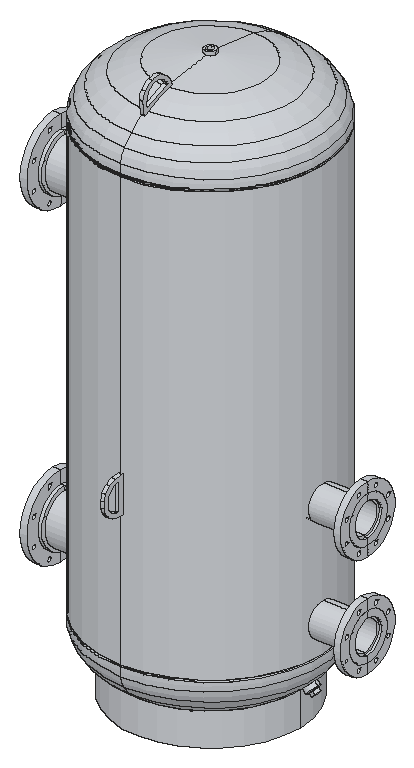
Revit family "HBT-210-46", category Generic Models, Revit 2014
Parameters (values of type "HBT-210-46")
  URL = "http://westank.com/"
  Tank Volume = 210 gal
  Part Number = 55642146
  Model = "HBT-210-46"
  Maximum Shipping Weight = 583 lbf
  G = 14"
  F = 28"
  E = 58"
  Description = "Wessels ASME 4 Port Hot Water Buffer Tanks (HBT) are designed for use with today’s high efficiency systems that incorporate small modular low-mass boiler."
  D = 76 1/2"
  C = 30"
  B = 6"
  A = 4"
Reference planes (in)
  plane 1 "Center (Front/Back)": y = 0
  plane 2: z = 0
  plane 3 "Center (Left/Right)": x = 0
  plane 4: through (12.55282, -180, 5.24135) normal (0.8192, 0, -0.5736)
  plane 5: x = -15
  plane 6: x = 15
  plane 7: z = 0
  plane 8: y = 15
  plane 9: y = -15
  plane 10: x = -12
  plane 11: x = 12
  plane 12: z = 76.5
  plane 13: z = 58
  plane 14: z = 28
  plane 15: z = 14
Forms (in)
  Revolve 1, solid
    sketch origin (0, -0.02461, 0) x (0, 1, 0) y (0, 0, 1)
      loop
        line (-14.97539, 9.87397) -> (-14.812, 9.87397)
        arc (-14.812, 9.87397) -> (-14.83596, 9.78454) -> (-14.90143, 9.71907) r 0.17887
        arc (-14.90143, 9.71907) -> (-14.94991, 9.64836) -> (-14.97579, 9.56662) r 0.29232
        arc (-14.97579, 9.56662) -> (-14.96586, 8.98455) -> (-14.89468, 8.40676) r 5.51955
        arc (-14.89468, 8.40676) -> (-14.65184, 7.56116) -> (-14.23912, 6.78419) r 4.22443
        arc (-14.23912, 6.78419) -> (-13.71208, 6.0842) -> (-13.11424, 5.44361) r 8.30764
        arc (-13.11424, 5.44361) -> (-11.99363, 4.5369) -> (-10.73315, 3.83755) r 8.30764
        arc (-10.73315, 3.83755) -> (-9.02248, 3.06195) -> (-7.23223, 2.49367) r 15.88746
        arc (-7.23223, 2.49367) -> (-3.63165, 1.79117) -> (0.02461, 1.49214) r 33.04234
        line (0.02461, 1.49214) -> (0.02461, 1.66407)
        arc (0.02461, 1.66407) -> (-3.61037, 1.96174) -> (-7.19, 2.66027) r 32.87047
        arc (-7.19, 2.66027) -> (-8.96351, 3.22342) -> (-10.65802, 3.99223) r 15.71558
        arc (-10.65802, 3.99223) -> (-11.8952, 4.67783) -> (-12.99495, 5.56734) r 8.13577
        arc (-12.99495, 5.56734) -> (-13.58042, 6.19468) -> (-14.09655, 6.88019) r 8.13577
        arc (-14.09655, 6.88019) -> (-14.49248, 7.62554) -> (-14.72544, 8.43674) r 4.05256
        arc (-14.72544, 8.43674) -> (-14.79395, 8.9901) -> (-14.80447, 9.54759) r 5.34767
        arc (-14.80447, 9.54759) -> (-14.7971, 9.56945) -> (-14.78569, 9.5895) r 0.12044
        arc (-14.78569, 9.5895) -> (-14.67439, 9.72277) -> (-14.64064, 9.89308) r 0.35074
        line (-14.64064, 9.89308) -> (-14.84715, 9.89308) -> (-14.84715, 68.09431) -> (-14.64151, 68.09431)
        arc (-14.64151, 68.09431) -> (-14.67184, 68.27125) -> (-14.78573, 68.41) r 0.35074
        arc (-14.78573, 68.41) -> (-14.79712, 68.43005) -> (-14.80449, 68.4519) r 0.12045
        arc (-14.80449, 68.4519) -> (-14.79397, 69.00939) -> (-14.72546, 69.56275) r 5.34768
        arc (-14.72546, 69.56275) -> (-14.4925, 70.37395) -> (-14.09657, 71.11931) r 4.05257
        arc (-14.09657, 71.11931) -> (-13.58043, 71.80482) -> (-12.99497, 72.43215) r 8.13578
        arc (-12.99497, 72.43215) -> (-11.89524, 73.32166) -> (-10.65807, 74.00725) r 8.13578
        arc (-10.65807, 74.00725) -> (-8.96355, 74.77606) -> (-7.19005, 75.3392) r 15.71558
        arc (-7.19005, 75.3392) -> (-3.61055, 76.03771) -> (0.02429, 76.33539) r 32.87045
        line (0.02429, 76.33539) -> (0.02429, 76.50913)
        arc (0.02429, 76.50913) -> (-3.63245, 76.21009) -> (-7.2335, 75.50749) r 33.04334
        arc (-7.2335, 75.50749) -> (-9.02402, 74.9391) -> (-10.73493, 74.16335) r 15.88853
        arc (-10.73493, 74.16335) -> (-11.99625, 73.46359) -> (-13.11754, 72.55625) r 8.30893
        arc (-13.11754, 72.55625) -> (-13.7162, 71.91481) -> (-14.24389, 71.21382) r 8.30923
        arc (-14.24389, 71.21382) -> (-14.65697, 70.43637) -> (-14.90005, 69.59022) r 4.22701
        arc (-14.90005, 69.59022) -> (-14.97148, 69.00969) -> (-14.98111, 68.42486) r 5.52257
        arc (-14.98111, 68.42486) -> (-14.95423, 68.33848) -> (-14.90267, 68.26415) r 0.29803
        arc (-14.90267, 68.26415) -> (-14.837, 68.19712) -> (-14.81302, 68.1064) r 0.18362
        line (-14.81302, 68.1064) -> (-14.97539, 68.1064) -> (-14.97539, 9.87397)
      axis (0.02461, 1.49214) -> (0.02461, 76.50913)
    angle from 0 to 360
  Revolve 2, solid
    sketch origin (-3.19221, 0, 43.49859) x (-1, 0, 0) y (0, 0, 1)
      loop
        line (16.25, 9.6883) -> (16.25, 9.21998) -> (16.8125, 9.21998) -> (16.8125, 7.50131) -> (17.75, 7.50131) -> (17.75, 8.75121) -> (17.8125, 8.75121) -> (17.8125, 9.6883) -> (16.25, 9.6883)
      axis (17.8125, 13.00131) -> (16.25, 13.00131)
    angle from 0 to 360
  Revolve 3, solid
    sketch origin (-1.82085, 0, 2.88409) x (0.981353, 0, -0.192215) y (0.192215, 0, 0.981353)
      loop
        line (14.71753, 6.11956) -> (14.66586, 6.1556) -> (14.25436, 5.56561) -> (14.86992, 5.13627) -> (15.24588, 5.6753) -> (15.19462, 5.71106) -> (15.31904, 5.88945) -> (14.80641, 6.24699) -> (14.71753, 6.11956)
      axis (14.25436, 5.56561) -> (14.86992, 5.13627)
    angle from 0 to 360
  Extrusion 4, solid
    sketch origin (13.38203, -180, 6.13049) x (0.718765, 0, 0.695254) y (0, -1, 0)
      loop
        line (-0.16036, -179.52645) -> (-0.95521, -179.68698) -> (-0.79485, -180.48095) -> (0, -180.32042) -> (-0.16036, -179.52645)
    from 1.02698 to 1.52678
  Extrusion 5, solid
    sketch origin (0, -3.06035, 6.47257) x (0, 1, 0) y (0, 0, 1)
      loop
        line (-11.93439, 21.33067) -> (-11.93439, 26.202)
        arc (-11.93439, 26.202) -> (-12.47846, 26.15164) -> (-13.01533, 26.05008) r 5.77422
        arc (-13.01533, 26.05008) -> (-13.49297, 25.89754) -> (-13.94252, 25.67548) r 3.35288
        arc (-13.94252, 25.67548) -> (-14.34081, 25.36666) -> (-14.64962, 24.96837) r 2.0073
        arc (-14.64962, 24.96837) -> (-14.80343, 24.58932) -> (-14.88788, 24.18906) r 2.30742
        arc (-14.88788, 24.18906) -> (-14.91277, 23.77188) -> (-14.88788, 23.3547) r 3.50846
        arc (-14.88788, 23.3547) -> (-14.79412, 22.92876) -> (-14.61961, 22.52904) r 2.24053
        arc (-14.61961, 22.52904) -> (-14.27401, 22.08806) -> (-13.80999, 21.77406) r 1.8078
        arc (-13.80999, 21.77406) -> (-13.34321, 21.55591) -> (-12.84107, 21.44044) r 2.44481
        arc (-12.84107, 21.44044) -> (-12.39043, 21.36326) -> (-11.93439, 21.33067) r 4.65484
      loop
        arc (-12.44611, 25.63929) -> (-12.67227, 25.60073) -> (-12.89654, 25.55235) r 5.2625
        arc (-12.89654, 25.55235) -> (-13.30128, 25.42308) -> (-13.68221, 25.23491) r 2.84116
        arc (-13.68221, 25.23491) -> (-13.97364, 25.01013) -> (-14.20134, 24.72098) r 1.49558
        arc (-14.20134, 24.72098) -> (-14.3163, 24.43235) -> (-14.37979, 24.12821) r 1.7957
        arc (-14.37979, 24.12821) -> (-14.40106, 23.77188) -> (-14.37979, 23.41555) r 2.99674
        arc (-14.37979, 23.41555) -> (-14.30745, 23.08689) -> (-14.17279, 22.77846) r 1.72881
        arc (-14.17279, 22.77846) -> (-13.91552, 22.45353) -> (-13.56884, 22.22643) r 1.29608
        arc (-13.56884, 22.22643) -> (-13.1779, 22.0402) -> (-12.75531, 21.94566) r 1.9331
        arc (-12.75531, 21.94566) -> (-12.60126, 21.91347) -> (-12.44611, 21.88716) r 4.14312
        line (-12.44611, 21.88716) -> (-12.44611, 25.63929)
    from -0.24366 to 0.25634
  Extrusion 6, solid
    sketch origin (0, -26.91131, 55.2376) x (0, 0.366501, -0.930418) y (0, 0.930418, 0.366501)
      loop
        arc (-12.0461, 25.71684) -> (-12.27227, 25.67827) -> (-12.49653, 25.62989) r 5.2625
        arc (-12.49653, 25.62989) -> (-12.90127, 25.50063) -> (-13.28221, 25.31246) r 2.84116
        arc (-13.28221, 25.31246) -> (-13.57363, 25.08767) -> (-13.80134, 24.79853) r 1.49558
        arc (-13.80134, 24.79853) -> (-13.9163, 24.50989) -> (-13.97979, 24.20576) r 1.7957
        arc (-13.97979, 24.20576) -> (-14.00105, 23.84943) -> (-13.97979, 23.4931) r 2.99674
        arc (-13.97979, 23.4931) -> (-13.90744, 23.16443) -> (-13.77279, 22.85601) r 1.72881
        arc (-13.77279, 22.85601) -> (-13.51552, 22.53108) -> (-13.16884, 22.30397) r 1.29608
        arc (-13.16884, 22.30397) -> (-12.77789, 22.11774) -> (-12.35531, 22.02321) r 1.9331
        arc (-12.35531, 22.02321) -> (-12.20126, 21.99102) -> (-12.0461, 21.9647) r 4.14312
        line (-12.0461, 21.9647) -> (-12.0461, 25.71684)
      loop
        line (-11.21966, 21.38882) -> (-11.21966, 26.21693)
        arc (-11.21966, 26.21693) -> (-12.2007, 26.21938) -> (-13.14349, 25.94808) r 3.48194
        arc (-13.14349, 25.94808) -> (-13.66357, 25.64991) -> (-14.11481, 25.25524) r 3.03185
        arc (-14.11481, 25.25524) -> (-14.39878, 24.60234) -> (-14.51622, 23.90011) r 2.91879
        arc (-14.51622, 23.90011) -> (-14.4511, 23.22451) -> (-14.20241, 22.59298) r 2.44012
        arc (-14.20241, 22.59298) -> (-13.8323, 22.13222) -> (-13.33474, 21.8133) r 1.83162
        arc (-13.33474, 21.8133) -> (-12.29956, 21.48967) -> (-11.21966, 21.38882) r 5.1769
    from -0.24366 to 0.25634
  Extrusion 7, solid
    sketch origin (0, 0, 4.34641) x (1, 0, 0) y (0, 1, 0)
      loop
        circle (0, 0) r 0.75
      loop
        circle (0, 0) r 0.5
    from 71.84973 to 72.49341
  Extrusion 8, void
    sketch origin (0, 0, 0) x (1, 0, 0) y (0, 1, 0)
      loop
        circle (0, 0) r 0.5
    from 73.75623 to 77.63194
  Revolve 9, solid
    sketch origin (0, 0, 0) x (1, 0, 0) y (0, 0, 1)
      loop
        line (11.87609, 4.44941) -> (11.87609, 0) -> (12, 0) -> (12, 4.44941) -> (11.87609, 4.44941)
      axis (0, 4.44941) -> (0, 0)
    angle from 0 to 360
  Revolve 10, solid
    sketch origin (-1.00355, 0, 43.49878) x (1, 0, 0) y (0, 0, 1)
      loop
        line (-13.37585, 9.9691) -> (-19.49284, 9.9691) -> (-19.49284, 9.68872) -> (-13.37585, 9.68872) -> (-13.37585, 9.9691)
      axis (-19.49284, 13.00122) -> (-13.37585, 13.00122)
    angle from 0 to 360
  Extrusion 11, void
    sketch origin (0, 0, -0.23106) x (0, 1, 0) y (0, 0, 1)
      loop
        circle (0, 14.25) r 1.53336
    from 10.28262 to 23.93552
  Extrusion 12, void
    sketch origin (0, 0.03125, -1) x (0, 1, 0) y (0, 0, 1)
      loop
        circle (1.41194, 18.46116) r 0.39528
      loop
        circle (-1.48216, 18.49179) r 0.36756
      loop
        circle (-3.49908, 16.427) r 0.3574
      loop
        circle (-3.54543, 13.60383) r 0.30655
      loop
        circle (-1.46836, 11.53644) r 0.36497
      loop
        circle (1.42021, 11.50824) r 0.37383
      loop
        circle (3.46604, 13.56204) r 0.36477
      loop
        circle (3.43053, 16.44163) r 0.37216
    from 16.01613 to 23.68526
  Revolve 13, solid
    sketch origin (-2.37971, 0, 13.49993) x (1, 0, 0) y (0, 0, 1)
      loop
        line (22.06921, 12.25118) -> (22.06921, 11.84382) -> (22.44538, 11.84382) -> (22.44538, 9.99677) -> (23.31921, 9.99677) -> (23.31921, 11.40623) -> (23.38171, 11.40623) -> (23.38171, 12.25118) -> (22.06921, 12.25118)
      axis (23.38171, 14.50013) -> (22.06921, 14.50013)
    angle from 0 to 360
  Revolve 14, solid
    sketch origin (-2.37971, 0, 13.49993) x (-1, 0, 0) y (0, 0, 1)
      loop
        line (-16.50671, 12.48708) -> (-23.00671, 12.48708) -> (-23.00671, 12.24889) -> (-16.50671, 12.24889) -> (-16.50671, 12.48708)
      axis (-23.00671, 14.50013) -> (-16.50671, 14.50013)
    angle from 0 to 360
  Revolve 15, solid
    sketch origin (-3.19252, 0, 0.99859) x (-1, 0, 0) y (0, 0, 1)
      loop
        line (16.25, 9.6883) -> (16.25, 9.21998) -> (16.8125, 9.21998) -> (16.8125, 7.50131) -> (17.75, 7.50131) -> (17.75, 8.75121) -> (17.8125, 8.75121) -> (17.8125, 9.6883) -> (16.25, 9.6883)
      axis (17.8125, 13.00131) -> (16.25, 13.00131)
    angle from 0 to 360
  Revolve 16, solid
    sketch origin (-1.00386, 0, 0.99878) x (1, 0, 0) y (0, 0, 1)
      loop
        line (-13.37585, 9.9691) -> (-19.49284, 9.9691) -> (-19.49284, 9.68872) -> (-13.37585, 9.68872) -> (-13.37585, 9.9691)
      axis (-19.49284, 13.00122) -> (-13.37585, 13.00122)
    angle from 0 to 360
  Extrusion 17, void
    sketch origin (0, 0, 0) x (0, 1, 0) y (0, 0, 1)
      loop
        circle (-1.79295, 60.8801) r 0.37808
      loop
        circle (-4.39388, 58.30813) r 0.36636
      loop
        circle (-4.3719, 54.69629) r 0.36518
      loop
        circle (-1.81207, 52.11225) r 0.36594
      loop
        circle (1.84285, 52.11225) r 0.36781
      loop
        circle (4.4251, 54.67829) r 0.38313
      loop
        circle (4.41084, 58.34273) r 0.39321
      loop
        circle (1.83479, 60.90678) r 0.39331
    from -23.47742 to -17.49499
  Extrusion 18, void
    sketch origin (0, 0.03125, 12.96875) x (0, 1, 0) y (0, 0, 1)
      loop
        circle (1.41847, 18.50733) r 0.36052
      loop
        circle (-1.45131, 18.50502) r 0.36021
      loop
        circle (-3.50557, 16.48061) r 0.38082
      loop
        circle (-3.54527, 13.62269) r 0.32329
      loop
        circle (-1.47513, 11.56113) r 0.38169
      loop
        circle (1.39176, 11.57952) r 0.36663
      loop
        circle (3.45634, 13.57928) r 0.38016
      loop
        circle (3.44008, 16.44801) r 0.37647
    from 17.43397 to 23.38604
  Extrusion 19, void
    sketch origin (0, 0, -42.5) x (0, 1, 0) y (0, 0, 1)
      loop
        circle (-1.79295, 60.8801) r 0.37808
      loop
        circle (-4.39388, 58.30813) r 0.36636
      loop
        circle (-4.3719, 54.69629) r 0.36518
      loop
        circle (-1.81207, 52.11225) r 0.36594
      loop
        circle (1.84285, 52.11225) r 0.36781
      loop
        circle (4.4251, 54.67829) r 0.38313
      loop
        circle (4.41084, 58.34273) r 0.39321
      loop
        circle (1.83479, 60.90678) r 0.39331
    from -23.47742 to -17.49499
  Extrusion 20, void
    sketch origin (0, 0, 13.76894) x (0, 1, 0) y (0, 0, 1)
      loop
        circle (0, 14.23113) r 2.01305
    from 10.28262 to 23.93552
  Extrusion 21, void
    sketch origin (0, 0, 0) x (0, 1, 0) y (0, 0, 1)
      loop
        circle (0, 14) r 3.03212
    from -24.71918 to -9.54876
  Extrusion 22, void
    sketch origin (0, 0, 42.5) x (0, 1, 0) y (0, 0, 1)
      loop
        circle (0, 14) r 3.03212
    from -24.71918 to -9.54876
  Revolve 23, solid
    sketch origin (-2.37971, 0, -0.50137) x (1, 0, 0) y (0, 0, 1)
      loop
        line (22.06921, 12.25118) -> (22.06921, 11.84382) -> (22.44538, 11.84382) -> (22.44538, 9.99677) -> (23.31921, 9.99677) -> (23.31921, 11.40623) -> (23.38171, 11.40623) -> (23.38171, 12.25118) -> (22.06921, 12.25118)
      axis (23.38171, 14.50013) -> (22.06921, 14.50013)
    angle from 0 to 360
  Revolve 24, solid
    sketch origin (-2.37971, 0, -0.50137) x (-1, 0, 0) y (0, 0, 1)
      loop
        line (-16.50671, 12.48708) -> (-23.00671, 12.48708) -> (-23.00671, 12.24889) -> (-16.50671, 12.24889) -> (-16.50671, 12.48708)
      axis (-23.00671, 14.50013) -> (-16.50671, 14.50013)
    angle from 0 to 360
Cuts and joins
  joined: Extrusion 4, Extrusion 5, Extrusion 6, Extrusion 7, Revolve 9
  Extrusion 8, Extrusion 11, Extrusion 20, Extrusion 21, Extrusion 22 cuts Revolve 1
  Extrusion 17, Extrusion 19 cuts Revolve 2
  Extrusion 18 cuts Revolve 13
  Extrusion 19 cuts Revolve 15
  Extrusion 22 cuts Revolve 16
  Extrusion 12 cuts Revolve 23
Dimensions and locks (in)
  "D": plane 12 to level
  "E": plane 13 to plane 7
  "F": plane 14 to plane 7
  "G": plane 15 to plane 7
  "C": plane 6 to plane 5
  aligned and locked: plane 2 to level
  aligned and locked: Revolve 9 sketch curve to plane 3 "Center (Left/Right)"
Automatic sketch dimensions
  Revolve 1 sketch curve to Revolve 1 sketch curve = 0"  (x33)
  Revolve 1 sketch curve to plane 9 = 0"
  Revolve 1 sketch curve to plane 1 "Center (Front/Back)" = 0"  (x2)
  Revolve 1 sketch curve to Revolve 1 sketch curve = 0.01547"
  plane 9 to Revolve 1 sketch curve = 0.01547"
  Revolve 1 sketch curve to Revolve 1 sketch curve = 0.00578"
  Revolve 1 sketch curve to plane 9 = 0.12824"
  Revolve 1 sketch curve to Revolve 1 sketch curve = 0.03413"
  Revolve 1 sketch curve to Revolve 1 sketch curve = 9/256"
  Revolve 1 sketch curve to plane 9 = 0.28821"
  Revolve 1 sketch curve to plane 9 = 0.28822"
  Revolve 1 sketch curve to Revolve 1 sketch curve = 0.00078"
  Revolve 1 sketch curve to Revolve 1 sketch curve = 0.17151"
  Revolve 1 sketch curve to Revolve 1 sketch curve = 0.17135"
  Revolve 1 sketch curve to Revolve 1 sketch curve = 3.94929"
  Revolve 1 sketch curve to Revolve 1 sketch curve = 0.00287"
  Revolve 1 sketch curve to Revolve 1 sketch curve = 3.95216"
  Revolve 1 sketch curve to Revolve 1 sketch curve = 1.2728"
  Revolve 1 sketch curve to Revolve 1 sketch curve = 0.00246"
  Revolve 1 sketch curve to Revolve 1 sketch curve = 1.27526"
  Revolve 1 sketch curve to Revolve 1 sketch curve = 2.11145"
  Revolve 1 sketch curve to Revolve 1 sketch curve = 0.00084"
  Revolve 1 sketch curve to Revolve 1 sketch curve = 0.00187"
  Revolve 1 sketch curve to Revolve 1 sketch curve = 2.11171"
  plane 13 to Revolve 1 sketch curve = 2.10598"
  plane 1 "Center (Front/Back)" to Revolve 1 sketch curve = 3.35442"
  Revolve 1 sketch curve to Revolve 1 sketch curve = 0.00082"
  plane 1 "Center (Front/Back)" to Revolve 1 sketch curve = 3.35353"
  plane 1 "Center (Front/Back)" to Revolve 1 sketch curve = 0.00031"
  Revolve 1 sketch curve to plane 1 "Center (Front/Back)" = 0.86039"
  Revolve 1 sketch curve to Revolve 1 sketch curve = 0.00067"
  Revolve 1 sketch curve to plane 1 "Center (Front/Back)" = 0.86116"
  Revolve 1 sketch curve to Revolve 1 sketch curve = 0.00068"
  plane 14 to Revolve 1 sketch curve = 15.47699"
  Revolve 1 sketch curve to Revolve 1 sketch curve = 0.00077"
  plane 14 to Revolve 1 sketch curve = 6.52326"
  plane 15 to Revolve 1 sketch curve = 3.89417"
  Revolve 1 sketch curve to plane 15 = 2.57575"
  Revolve 1 sketch curve to plane 15 = 4.10692"
  Revolve 1 sketch curve to Revolve 1 sketch curve = 0.01911"  (x2)
  Revolve 1 sketch curve to Revolve 1 sketch curve = 0.35376"
  Revolve 1 sketch curve to Revolve 1 sketch curve = 2 7/128"
  Revolve 1 sketch curve to Revolve 1 sketch curve = 0.22592"
  level to Revolve 1 sketch curve = 1 85/128"
  Revolve 1 sketch curve to Revolve 1 sketch curve = 0.17193"
  plane 13 to Revolve 1 sketch curve = 8.57397"
  Revolve 1 sketch curve to Revolve 1 sketch curve = 0.00123"
  Revolve 1 sketch curve to Revolve 1 sketch curve = 0.00005"
  Revolve 1 sketch curve to Revolve 1 sketch curve = 1.52034"
  Revolve 1 sketch curve to Revolve 1 sketch curve = 0.01209"
  Revolve 1 sketch curve to Revolve 1 sketch curve = 0.3749"
  Revolve 1 sketch curve to Revolve 1 sketch curve = 0.01007"
  Revolve 1 sketch curve to Revolve 1 sketch curve = 2.05124"
  Revolve 1 sketch curve to Revolve 1 sketch curve = 0.00348"
  Revolve 1 sketch curve to Revolve 1 sketch curve = 0.2261"
  Revolve 1 sketch curve to Revolve 1 sketch curve = 0.0033"
  Revolve 1 sketch curve to plane 12 = 0.16461"
  Revolve 1 sketch curve to Revolve 1 sketch curve = 0.17374"
  plane 9 to Revolve 1 sketch curve = 0.0004"
  plane 9 to Revolve 1 sketch curve = 0.00572"
  Revolve 1 sketch curve to plane 9 = 0.07272"
  Revolve 1 sketch curve to plane 9 = 0.07396"
  Revolve 1 sketch curve to Revolve 1 sketch curve = 0.11808"
  Revolve 1 sketch curve to Revolve 1 sketch curve = 0.11729"
  Revolve 1 sketch curve to Revolve 1 sketch curve = 0.01876"
  Revolve 1 sketch curve to Revolve 1 sketch curve = 0.01878"
  Revolve 1 sketch curve to Revolve 1 sketch curve = 0.14732"
  Revolve 1 sketch curve to Revolve 1 sketch curve = 0.97903"
  Revolve 1 sketch curve to Revolve 1 sketch curve = 0.98231"
  Revolve 1 sketch curve to Revolve 1 sketch curve = 0.12257"
  Revolve 1 sketch curve to Revolve 1 sketch curve = 0.1193"
  Revolve 1 sketch curve to Revolve 1 sketch curve = 2.26004"
  Revolve 1 sketch curve to Revolve 1 sketch curve = 2.26179"
  Revolve 1 sketch curve to Revolve 1 sketch curve = 0.07686"
  Revolve 1 sketch curve to Revolve 1 sketch curve = 0.07513"
  Revolve 1 sketch curve to Revolve 1 sketch curve = 1.88017"
  plane 14 to Revolve 1 sketch curve = 0.89308"
  plane 5 to Revolve 2 sketch curve = 4.44221"
  Revolve 2 sketch curve to Revolve 2 sketch curve = 9/16"
  Revolve 2 sketch curve to Revolve 2 sketch curve = 15/16"
  Revolve 2 sketch curve to Revolve 2 sketch curve = 1/16"
  plane 13 to Revolve 2 sketch curve = 7.0001"
  Revolve 2 sketch curve to Revolve 2 sketch curve = 1.2499"
  Revolve 2 sketch curve to Revolve 2 sketch curve = 15/32"
  Revolve 2 sketch curve to Revolve 2 sketch curve = 0.46832"
  plane 5 to Revolve 2 sketch curve = 1/16"
  Revolve 2 sketch curve to plane 5 = 0.62029"
  plane 13 to Revolve 2 sketch curve = 1.5001"
  plane 4 to Revolve 3 sketch curve = 0.35169"
  plane 11 to Revolve 3 sketch curve = 1.2375"
  Revolve 3 sketch curve to Revolve 3 sketch curve = 0.4115"
  Revolve 3 sketch curve to Revolve 3 sketch curve = 0.05167"
  Revolve 3 sketch curve to Revolve 3 sketch curve = 0.08888"
  Revolve 3 sketch curve to Revolve 3 sketch curve = 0.61556"
  Revolve 3 sketch curve to Revolve 3 sketch curve = 0.47709"
  Revolve 3 sketch curve to Revolve 3 sketch curve = 0.05126"
  Revolve 3 sketch curve to Revolve 3 sketch curve = 0.42934"
  Revolve 3 sketch curve to Revolve 3 sketch curve = 0.12768"
  Revolve 3 sketch curve to Revolve 3 sketch curve = 0"  (x2)
  Revolve 3 sketch curve to Revolve 3 sketch curve = 0.08905"
  plane 1 "Center (Front/Back)" to Extrusion 4 sketch curve = 0.31302"
  Extrusion 4 sketch curve to plane 1 "Center (Front/Back)" = 0.48095"
  Extrusion 4 sketch curve to Extrusion 4 sketch curve = 0.16036"  (x2)
  plane 1 "Center (Front/Back)" to Extrusion 4 sketch curve = 0.47355"
  Extrusion 4 sketch curve to Extrusion 4 sketch curve = 0.79485"
  Extrusion 4 sketch curve to plane 1 "Center (Front/Back)" = 0.32042"
  Extrusion 5 sketch curve to Extrusion 5 sketch curve = 0"  (x24)
  plane 9 to Extrusion 5 sketch curve = 1.10144"
  Extrusion 5 sketch curve to Extrusion 5 sketch curve = 0.11966"
  Extrusion 5 sketch curve to Extrusion 5 sketch curve = 0.25819"
  Extrusion 5 sketch curve to Extrusion 5 sketch curve = 17/256"
  Extrusion 5 sketch curve to Extrusion 5 sketch curve = 0.04958"
  plane 9 to Extrusion 5 sketch curve = 0.50646"
  plane 9 to Extrusion 5 sketch curve = 0.29731"
  Extrusion 5 sketch curve to plane 9 = 0.00526"
  Extrusion 5 sketch curve to plane 9 = 0.10864"
  Extrusion 5 sketch curve to plane 9 = 0.26481"
  Extrusion 5 sketch curve to plane 9 = 0.53533"
  Extrusion 5 sketch curve to plane 14 = 1.09381"
  Extrusion 5 sketch curve to plane 14 = 0.19675"
  plane 14 to Extrusion 5 sketch curve = 0.35973"
  Extrusion 5 sketch curve to Extrusion 5 sketch curve = 0.90165"
  Extrusion 5 sketch curve to Extrusion 5 sketch curve = 0.62139"
  Extrusion 5 sketch curve to Extrusion 5 sketch curve = 27/128"
  Extrusion 5 sketch curve to Extrusion 5 sketch curve = 0.15076"
  Extrusion 5 sketch curve to Extrusion 5 sketch curve = 0.24641"
  Extrusion 5 sketch curve to Extrusion 5 sketch curve = 0.04716"
  Extrusion 5 sketch curve to Extrusion 5 sketch curve = 0.0326"
  Extrusion 5 sketch curve to Extrusion 5 sketch curve = 1.7246"
  Extrusion 5 sketch curve to Extrusion 5 sketch curve = 0.34507"
  Extrusion 5 sketch curve to Extrusion 5 sketch curve = 0.21764"
  plane 14 to Extrusion 5 sketch curve = 0.699"
  Extrusion 5 sketch curve to Extrusion 5 sketch curve = 1.12273"
  Extrusion 5 sketch curve to Extrusion 5 sketch curve = 0.78568"
  plane 14 to Extrusion 5 sketch curve = 0.24664"
  Extrusion 5 sketch curve to Extrusion 5 sketch curve = 0.24115"
  Extrusion 5 sketch curve to Extrusion 5 sketch curve = 0.2603"
  Extrusion 5 sketch curve to Extrusion 5 sketch curve = 0.51913"
  Extrusion 5 sketch curve to Extrusion 5 sketch curve = 0.44829"
  Extrusion 7 sketch curve to Extrusion 7 sketch curve = 0"  (x2)
  plane 1 "Center (Front/Back)" to Extrusion 7 sketch curve = 0"
  Extrusion 7 sketch curve to plane 3 "Center (Left/Right)" = 0"
  Extrusion 8 sketch curve to Extrusion 8 sketch curve = 0"  (x2)
  plane 1 "Center (Front/Back)" to Extrusion 8 sketch curve = 0"
  Extrusion 8 sketch curve to plane 3 "Center (Left/Right)" = 0"
  Extrusion 8 sketch curve to plane 3 "Center (Left/Right)" = 1/2"
  Revolve 9 sketch curve to level = 0"
  Revolve 9 sketch curve to plane 11 = 0"
  Revolve 9 sketch curve to plane 11 = 0.12391"
  level to Revolve 9 sketch curve = 4.44941"
  level to Revolve 9 sketch curve = 4.69941"
  Revolve 9 sketch curve to Revolve 9 sketch curve = 1"
  Revolve 10 sketch curve to plane 5 = 5.49639"
  plane 5 to Revolve 10 sketch curve = 0.62061"  (x2)
  Revolve 10 sketch curve to plane 13 = 4 13/16"
  Revolve 10 sketch curve to Revolve 10 sketch curve = 0.28038"
  Revolve 10 sketch curve to plane 5 = 0.87939"
  Revolve 10 sketch curve to plane 13 = 1 1/2"
  Extrusion 11 sketch curve to Extrusion 11 sketch curve = 0"  (x2)
  Extrusion 11 sketch curve to plane 1 "Center (Front/Back)" = 0"
  plane 15 to Extrusion 11 sketch curve = 0.01894"
  Extrusion 11 sketch curve to plane 15 = 1.51442"
  Extrusion 12 sketch curve to plane 15 = 1.39617"
  plane 1 "Center (Front/Back)" to Extrusion 12 sketch curve = 3.51418"
  Extrusion 12 sketch curve to Extrusion 12 sketch curve = 0.04634"
  plane 1 "Center (Front/Back)" to Extrusion 12 sketch curve = 1.45091"
  plane 1 "Center (Front/Back)" to Extrusion 12 sketch curve = 1.43711"
  Extrusion 12 sketch curve to plane 1 "Center (Front/Back)" = 1.44319"
  Extrusion 12 sketch curve to plane 1 "Center (Front/Back)" = 1.45146"
  Extrusion 12 sketch curve to Extrusion 12 sketch curve = 2.01859"
  Extrusion 12 sketch curve to plane 15 = 1.43796"
  Extrusion 12 sketch curve to Extrusion 12 sketch curve = 0.03551"
  Extrusion 12 sketch curve to Extrusion 12 sketch curve = 2.06739"
  Extrusion 12 sketch curve to Extrusion 12 sketch curve = 0.0282"
  plane 15 to Extrusion 12 sketch curve = 1.427"
  plane 15 to Extrusion 12 sketch curve = 1.44163"
  Extrusion 12 sketch curve to Extrusion 12 sketch curve = 2 5/256"
  Extrusion 12 sketch curve to Extrusion 12 sketch curve = 2.0648"
  plane 6 to Revolve 13 sketch curve = 4.6895"
  Revolve 13 sketch curve to Revolve 13 sketch curve = 0.37617"
  Revolve 13 sketch curve to Revolve 13 sketch curve = 0.87383"
  Revolve 13 sketch curve to Revolve 13 sketch curve = 1/16"
  Revolve 13 sketch curve to plane 14 = 4.5033"
  Revolve 13 sketch curve to Revolve 13 sketch curve = 1.40947"
  Revolve 13 sketch curve to Revolve 13 sketch curve = 0.43758"
  Revolve 13 sketch curve to Revolve 13 sketch curve = 0.40737"
  plane 14 to Revolve 13 sketch curve = 0.00007"
  Revolve 13 sketch curve to plane 11 = 0.04892"
  Revolve 13 sketch curve to Revolve 13 sketch curve = 0.68278"
  plane 14 to Revolve 14 sketch curve = 2.01299"
  Revolve 14 sketch curve to plane 6 = 5.627"
  plane 6 to Revolve 14 sketch curve = 0.873"
  Revolve 14 sketch curve to Revolve 14 sketch curve = 0.23819"
  Revolve 14 sketch curve to plane 14 = 0.00007"
  Revolve 14 sketch curve to plane 11 = 0.10544"
  plane 11 to Revolve 14 sketch curve = 0.25471"
  plane 5 to Revolve 15 sketch curve = 4.44252"
  Revolve 15 sketch curve to Revolve 15 sketch curve = 9/16"
  Revolve 15 sketch curve to Revolve 15 sketch curve = 15/16"
  Revolve 15 sketch curve to Revolve 15 sketch curve = 1/16"
  plane 15 to Revolve 15 sketch curve = 5.5001"
  Revolve 15 sketch curve to Revolve 15 sketch curve = 1.2499"
  Revolve 15 sketch curve to Revolve 15 sketch curve = 15/32"
  Revolve 15 sketch curve to Revolve 15 sketch curve = 0.46832"
  plane 15 to Revolve 15 sketch curve = 0.0001"
  plane 5 to Revolve 15 sketch curve = 0.0628"
  Revolve 15 sketch curve to plane 5 = 0.61998"
  Revolve 16 sketch curve to plane 15 = 0"
  Revolve 16 sketch curve to plane 5 = 5.4967"
  plane 5 to Revolve 16 sketch curve = 0.62029"  (x2)
  Revolve 16 sketch curve to plane 15 = 3.03212"
  Revolve 16 sketch curve to Revolve 16 sketch curve = 0.28038"
  Revolve 16 sketch curve to plane 5 = 0.87971"
  plane 13 to Extrusion 17 sketch curve = 0.30813"
  plane 1 "Center (Front/Back)" to Extrusion 17 sketch curve = 4.39388"
  Extrusion 17 sketch curve to Extrusion 17 sketch curve = 0.02198"
  plane 1 "Center (Front/Back)" to Extrusion 17 sketch curve = 1.81207"
  plane 1 "Center (Front/Back)" to Extrusion 17 sketch curve = 1.79295"
  Extrusion 17 sketch curve to plane 1 "Center (Front/Back)" = 1.83479"
  Extrusion 17 sketch curve to plane 1 "Center (Front/Back)" = 1.84285"
  plane 13 to Extrusion 17 sketch curve = 0.34273"
  Extrusion 17 sketch curve to Extrusion 17 sketch curve = 2.57605"
  Extrusion 17 sketch curve to Extrusion 17 sketch curve = 2.58225"
  Extrusion 17 sketch curve to plane 13 = 3.30371"
  Extrusion 17 sketch curve to plane 13 = 3.32171"
  Extrusion 17 sketch curve to Extrusion 17 sketch curve = 2.58404"
  Extrusion 17 sketch curve to Extrusion 17 sketch curve = 2.56604"
  plane 13 to Extrusion 17 sketch curve = 2.8801"
  plane 13 to Extrusion 17 sketch curve = 2.90678"
  Extrusion 18 sketch curve to plane 14 = 1.40856"
  plane 1 "Center (Front/Back)" to Extrusion 18 sketch curve = 3.51402"
  Extrusion 18 sketch curve to Extrusion 18 sketch curve = 0.0397"
  plane 1 "Center (Front/Back)" to Extrusion 18 sketch curve = 1.44388"
  plane 1 "Center (Front/Back)" to Extrusion 18 sketch curve = 1.42006"
  Extrusion 18 sketch curve to plane 1 "Center (Front/Back)" = 1.42301"
  Extrusion 18 sketch curve to plane 1 "Center (Front/Back)" = 1.44972"
  plane 14 to Extrusion 18 sketch curve = 1.41676"
  Extrusion 18 sketch curve to Extrusion 18 sketch curve = 2.02162"
  Extrusion 18 sketch curve to Extrusion 18 sketch curve = 0.01626"
  Extrusion 18 sketch curve to plane 14 = 1.45197"
  Extrusion 18 sketch curve to Extrusion 18 sketch curve = 1.99976"
  Extrusion 18 sketch curve to Extrusion 18 sketch curve = 0.01838"
  plane 14 to Extrusion 18 sketch curve = 1.44936"
  Extrusion 18 sketch curve to Extrusion 18 sketch curve = 2.02441"
  Extrusion 18 sketch curve to Extrusion 18 sketch curve = 0.00231"
  plane 15 to Extrusion 19 sketch curve = 1.80813"
  plane 1 "Center (Front/Back)" to Extrusion 19 sketch curve = 4.39388"
  Extrusion 19 sketch curve to plane 15 = 1.80371"
  Extrusion 19 sketch curve to Extrusion 19 sketch curve = 0.02198"
  plane 1 "Center (Front/Back)" to Extrusion 19 sketch curve = 1.81207"
  plane 1 "Center (Front/Back)" to Extrusion 19 sketch curve = 1.79295"
  Extrusion 19 sketch curve to plane 1 "Center (Front/Back)" = 1.83479"
  Extrusion 19 sketch curve to plane 1 "Center (Front/Back)" = 1.84285"
  Extrusion 19 sketch curve to Extrusion 19 sketch curve = 2.57605"
  Extrusion 19 sketch curve to Extrusion 19 sketch curve = 2.58225"
  Extrusion 19 sketch curve to plane 15 = 1.82171"
  Extrusion 19 sketch curve to Extrusion 19 sketch curve = 2.58404"
  Extrusion 19 sketch curve to Extrusion 19 sketch curve = 2.56604"
  plane 15 to Extrusion 19 sketch curve = 1.84273"
  Extrusion 19 sketch curve to Extrusion 19 sketch curve = 2.57197"
  Extrusion 19 sketch curve to Extrusion 19 sketch curve = 0.02668"
  Extrusion 20 sketch curve to Extrusion 20 sketch curve = 0"  (x2)
  Extrusion 20 sketch curve to plane 1 "Center (Front/Back)" = 0"
  plane 14 to Extrusion 20 sketch curve = 0.00007"
  Extrusion 20 sketch curve to plane 14 = 2.01299"
  Extrusion 21 sketch curve to Extrusion 21 sketch curve = 0"  (x2)
  Extrusion 21 sketch curve to plane 1 "Center (Front/Back)" = 0"
  Extrusion 21 sketch curve to plane 15 = 0"
  Extrusion 21 sketch curve to plane 15 = 3.03212"
  Extrusion 22 sketch curve to Extrusion 22 sketch curve = 0"  (x2)
  Extrusion 22 sketch curve to plane 1 "Center (Front/Back)" = 0"
  Extrusion 22 sketch curve to plane 13 = 1 1/2"
  Extrusion 22 sketch curve to Extrusion 22 sketch curve = 3.03212"
  plane 6 to Revolve 23 sketch curve = 4.6895"
  Revolve 23 sketch curve to Revolve 23 sketch curve = 0.37617"
  Revolve 23 sketch curve to Revolve 23 sketch curve = 0.87383"
  Revolve 23 sketch curve to Revolve 23 sketch curve = 1/16"
  Revolve 23 sketch curve to plane 15 = 4.50461"
  Revolve 23 sketch curve to Revolve 23 sketch curve = 1.40947"
  Revolve 23 sketch curve to Revolve 23 sketch curve = 0.43758"
  Revolve 23 sketch curve to Revolve 23 sketch curve = 0.40737"
  Revolve 23 sketch curve to plane 15 = 0.00124"
  Revolve 23 sketch curve to plane 11 = 0.04892"
  Revolve 23 sketch curve to Revolve 23 sketch curve = 0.68278"
  plane 15 to Revolve 24 sketch curve = 2.01429"
  Revolve 24 sketch curve to plane 6 = 5.627"
  plane 6 to Revolve 24 sketch curve = 0.873"
  Revolve 24 sketch curve to Revolve 24 sketch curve = 0.23819"
  plane 15 to Revolve 24 sketch curve = 0.00124"
  Revolve 24 sketch curve to plane 11 = 0.10544"
  plane 11 to Revolve 24 sketch curve = 0.25471"
  Extrusion 6 sketch curve to plane 12 = 0.89262"
  Extrusion 6 sketch curve to plane 9 = 5.30912"
  Extrusion 6 sketch curve to Extrusion 6 sketch curve = 0.03301"
  Extrusion 6 sketch curve to Extrusion 6 sketch curve = 0.08665"
  Extrusion 6 sketch curve to Extrusion 6 sketch curve = 0.34483"
  Extrusion 6 sketch curve to Extrusion 6 sketch curve = 17/256"
  Extrusion 6 sketch curve to Extrusion 6 sketch curve = 0.04958"
  Extrusion 6 sketch curve to Extrusion 6 sketch curve = 0.06885"
  Extrusion 6 sketch curve to Extrusion 6 sketch curve = 0.15073"
  Extrusion 6 sketch curve to Extrusion 6 sketch curve = 0.36028"
  Extrusion 6 sketch curve to Extrusion 6 sketch curve = 0.06601"
  Extrusion 6 sketch curve to Extrusion 6 sketch curve = 0.11815"
  Extrusion 6 sketch curve to Extrusion 6 sketch curve = 0.47821"
  Extrusion 6 sketch curve to Extrusion 6 sketch curve = 0.6151"
  Extrusion 6 sketch curve to Extrusion 6 sketch curve = 0.15011"
  Extrusion 6 sketch curve to Extrusion 6 sketch curve = 0.77126"
  Extrusion 6 sketch curve to Extrusion 6 sketch curve = 0.21135"
  Extrusion 6 sketch curve to Extrusion 6 sketch curve = 0.59588"
  Extrusion 6 sketch curve to Extrusion 6 sketch curve = 0.3061"
  Extrusion 6 sketch curve to Extrusion 6 sketch curve = 0.31529"
  Extrusion 6 sketch curve to Extrusion 6 sketch curve = 0.0954"
  Extrusion 6 sketch curve to Extrusion 6 sketch curve = 0.80625"
  Extrusion 6 sketch curve to Extrusion 6 sketch curve = 0.57589"
  Extrusion 6 sketch curve to Extrusion 6 sketch curve = 0.87766"
  Extrusion 6 sketch curve to Extrusion 6 sketch curve = 0.00686"
  Extrusion 6 sketch curve to Extrusion 6 sketch curve = 0.20406"
  Extrusion 6 sketch curve to Extrusion 6 sketch curve = 0.59172"
  Extrusion 6 sketch curve to Extrusion 6 sketch curve = 0.09548"
  Extrusion 6 sketch curve to Extrusion 6 sketch curve = 0.07607"
  Extrusion 6 sketch curve to Extrusion 6 sketch curve = 0.15093"
  Extrusion 6 sketch curve to Extrusion 6 sketch curve = 0.04716"
  Extrusion 6 sketch curve to Extrusion 6 sketch curve = 0.0326"
  Extrusion 6 sketch curve to Extrusion 6 sketch curve = 1.7246"
  Extrusion 6 sketch curve to Extrusion 6 sketch curve = 0.34507"
  Extrusion 6 sketch curve to Extrusion 6 sketch curve = 0.15502"
  Extrusion 6 sketch curve to Extrusion 6 sketch curve = 0.34843"
  Extrusion 6 sketch curve to Extrusion 6 sketch curve = 0"  (x6)
  Extrusion 6 sketch curve to Extrusion 6 sketch curve = 0.1659"
  Extrusion 6 sketch curve to Extrusion 6 sketch curve = 0.13872"
  Extrusion 6 sketch curve to Extrusion 6 sketch curve = 0.42962"
  Extrusion 6 sketch curve to Extrusion 6 sketch curve = 0.51913"
  Extrusion 6 sketch curve to Extrusion 6 sketch curve = 0.31348"
  radius of Extrusion 7 sketch curve = 3/4"
  radius of Extrusion 7 sketch curve = 1/2"
  radius of Extrusion 12 sketch curve = 0.39528"
  radius of Extrusion 12 sketch curve = 0.36756"
  radius of Extrusion 12 sketch curve = 0.3574"
  radius of Extrusion 12 sketch curve = 0.30655"
  radius of Extrusion 12 sketch curve = 0.36497"
  radius of Extrusion 12 sketch curve = 0.37383"
  radius of Extrusion 12 sketch curve = 0.36477"
  radius of Extrusion 12 sketch curve = 0.37216"
  radius of Extrusion 17 sketch curve = 0.37808"
  radius of Extrusion 17 sketch curve = 0.36636"
  radius of Extrusion 17 sketch curve = 0.36518"
  radius of Extrusion 17 sketch curve = 0.36594"
  radius of Extrusion 17 sketch curve = 0.36781"
  radius of Extrusion 17 sketch curve = 0.38313"
  radius of Extrusion 17 sketch curve = 0.39321"
  radius of Extrusion 17 sketch curve = 0.39331"
  radius of Extrusion 18 sketch curve = 0.36052"
  radius of Extrusion 18 sketch curve = 0.36021"
  radius of Extrusion 18 sketch curve = 0.38082"
  radius of Extrusion 18 sketch curve = 0.32329"
  radius of Extrusion 18 sketch curve = 0.38169"
  radius of Extrusion 18 sketch curve = 0.36663"
  radius of Extrusion 18 sketch curve = 0.38016"
  radius of Extrusion 18 sketch curve = 0.37647"
  radius of Extrusion 19 sketch curve = 0.37808"
  radius of Extrusion 19 sketch curve = 0.36636"
  radius of Extrusion 19 sketch curve = 0.36518"
  radius of Extrusion 19 sketch curve = 0.36594"
  radius of Extrusion 19 sketch curve = 0.36781"
  radius of Extrusion 19 sketch curve = 0.38313"
  radius of Extrusion 19 sketch curve = 0.39321"
  radius of Extrusion 19 sketch curve = 0.39331"
Connectors (in)
  piping at (-21.00471, 0, 56.4999), diameter 6, driven by "B"
    settings: on Revolve 2, index 1, connector inside diameter 24", connector length 0", flow factor 0, pipe flow 0 GPM, pressure drop 0.00 psi, fitting loss kfactor 0, connector angle 0.00°, fixture units 0, engagement length 0", angle of deflection 0.00°, flow configuration 0, flow direction 0, fitting loss method 0, system type 7, joint type 0, gender type 0, connector reference index -1, connector utility 0, adjustable connector no, is connector primary yes, connector description ""
  piping at (21.002, 0, 28.00007), diameter 4, driven by "A"
    settings: on Revolve 13, index 3, connector inside diameter 24", connector length 0", flow factor 0, pipe flow 0 GPM, pressure drop 0.00 psi, fitting loss kfactor 0, connector angle 0.00°, fixture units 0, engagement length 0", angle of deflection 0.00°, flow configuration 0, flow direction 0, fitting loss method 0, system type 7, joint type 0, gender type 0, connector reference index -1, connector utility 0, adjustable connector no, is connector primary no, connector description ""
  piping at (-21.00502, 0, 13.9999), diameter 6, driven by "B"
    settings: on Revolve 15, index 4, connector inside diameter 24", connector length 0", flow factor 0, pipe flow 0 GPM, pressure drop 0.00 psi, fitting loss kfactor 0, connector angle 0.00°, fixture units 0, engagement length 0", angle of deflection 0.00°, flow configuration 0, flow direction 0, fitting loss method 0, system type 7, joint type 0, gender type 0, connector reference index -1, connector utility 0, adjustable connector no, is connector primary no, connector description ""
  piping at (21.002, 0, 13.99876), diameter 4, driven by "A"
    settings: on Revolve 23, index 5, connector inside diameter 24", connector length 0", flow factor 0, pipe flow 0 GPM, pressure drop 0.00 psi, fitting loss kfactor 0, connector angle 0.00°, fixture units 0, engagement length 0", angle of deflection 0.00°, flow configuration 0, flow direction 0, fitting loss method 0, system type 7, joint type 0, gender type 0, connector reference index -1, connector utility 0, adjustable connector no, is connector primary no, connector description ""
